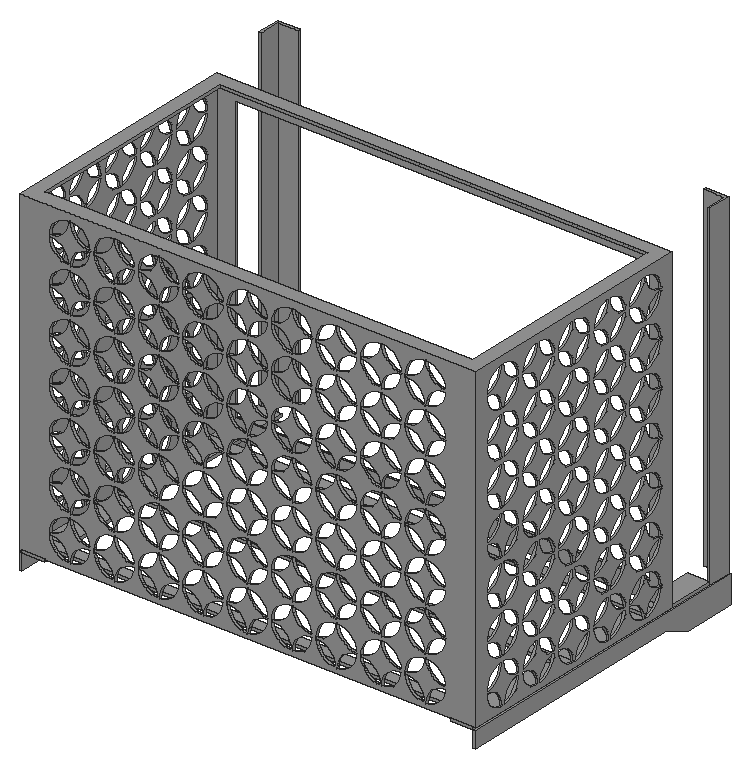
Revit family "22863 Корзина для кондиционера «Парадигма» Хоббика", category Антураж, Revit 2018 (continued)
Forms (mm)
  Extrusion 12, void
    sketch origin (230, 770, 0) x (1, 0, 0) y (0, 0, 1)
      loop
        arc (518.215, 413.448) -> (549.33, 426.336) -> (562.218, 457.451) r 44.003
      loop
        arc (661.064, 359.962) -> (674.1, 328.489) -> (705.574, 315.452) r 44.51
        arc (705.574, 315.452) -> (692.401, 346.789) -> (661.064, 359.962) r 44.984
      loop
        arc (705.564, 314.07) -> (674.449, 301.181) -> (661.561, 270.067) r 44.003
        arc (661.561, 270.067) -> (692.386, 283.244) -> (705.564, 314.07) r 45.03
      loop
        arc (659.715, 270.064) -> (646.826, 301.179) -> (615.711, 314.068) r 44.003
        arc (615.711, 314.068) -> (628.862, 283.215) -> (659.715, 270.064) r 44.933
      loop
        arc (659.718, 359.951) -> (628.901, 346.765) -> (615.715, 315.948) r 45.06
        arc (615.715, 315.948) -> (646.83, 328.836) -> (659.718, 359.951) r 44.003
      loop
        arc (563.564, 359.962) -> (576.6, 328.489) -> (608.074, 315.452) r 44.51
        arc (608.074, 315.452) -> (594.901, 346.789) -> (563.564, 359.962) r 44.984
      loop
        arc (608.064, 314.07) -> (576.949, 301.181) -> (564.061, 270.067) r 44.003
        arc (564.061, 270.067) -> (594.886, 283.244) -> (608.064, 314.07) r 45.03
      loop
        arc (562.215, 270.064) -> (549.326, 301.179) -> (518.211, 314.068) r 44.003
        arc (518.211, 314.068) -> (531.362, 283.215) -> (562.215, 270.064) r 44.933
      loop
        arc (562.218, 359.951) -> (531.401, 346.765) -> (518.215, 315.948) r 45.06
        arc (518.215, 315.948) -> (549.33, 328.836) -> (562.218, 359.951) r 44.003
      loop
        arc (661.064, 262.462) -> (674.1, 230.989) -> (705.574, 217.952) r 44.51
        arc (705.574, 217.952) -> (692.401, 249.289) -> (661.064, 262.462) r 44.984
      loop
        arc (705.564, 216.57) -> (674.449, 203.681) -> (661.561, 172.567) r 44.003
        arc (661.561, 172.567) -> (692.386, 185.744) -> (705.564, 216.57) r 45.03
      loop
        arc (659.715, 172.564) -> (646.826, 203.679) -> (615.711, 216.568) r 44.003
        arc (615.711, 216.568) -> (628.862, 185.715) -> (659.715, 172.564) r 44.933
      loop
        arc (659.718, 262.451) -> (628.901, 249.265) -> (615.715, 218.448) r 45.06
        arc (615.715, 218.448) -> (646.83, 231.336) -> (659.718, 262.451) r 44.003
      loop
        arc (563.564, 262.462) -> (576.6, 230.989) -> (608.074, 217.952) r 44.51
        arc (608.074, 217.952) -> (594.901, 249.289) -> (563.564, 262.462) r 44.984
      loop
        arc (608.064, 216.57) -> (576.949, 203.681) -> (564.061, 172.567) r 44.003
        arc (564.061, 172.567) -> (594.886, 185.744) -> (608.064, 216.57) r 45.03
      loop
        arc (562.215, 172.564) -> (549.326, 203.679) -> (518.211, 216.568) r 44.003
        arc (518.211, 216.568) -> (531.362, 185.715) -> (562.215, 172.564) r 44.933
      loop
        arc (562.218, 262.451) -> (531.401, 249.265) -> (518.215, 218.448) r 45.06
        arc (518.215, 218.448) -> (549.33, 231.336) -> (562.218, 262.451) r 44.003
      loop
        arc (661.064, 164.962) -> (674.1, 133.489) -> (705.574, 120.452) r 44.51
        arc (705.574, 120.452) -> (692.401, 151.789) -> (661.064, 164.962) r 44.984
      loop
        arc (705.564, 119.07) -> (674.449, 106.181) -> (661.561, 75.067) r 44.003
        arc (661.561, 75.067) -> (692.386, 88.244) -> (705.564, 119.07) r 45.03
      loop
        arc (659.715, 75.064) -> (646.826, 106.179) -> (615.711, 119.068) r 44.003
        arc (615.711, 119.068) -> (628.862, 88.215) -> (659.715, 75.064) r 44.933
      loop
        arc (659.718, 164.951) -> (628.901, 151.765) -> (615.715, 120.948) r 45.06
        arc (615.715, 120.948) -> (646.83, 133.836) -> (659.718, 164.951) r 44.003
      loop
        arc (563.564, 164.962) -> (576.6, 133.489) -> (608.074, 120.452) r 44.51
        arc (608.074, 120.452) -> (594.901, 151.789) -> (563.564, 164.962) r 44.984
      loop
        arc (608.064, 119.07) -> (576.949, 106.181) -> (564.061, 75.067) r 44.003
        arc (564.061, 75.067) -> (594.886, 88.244) -> (608.064, 119.07) r 45.03
      loop
        arc (562.215, 75.064) -> (549.326, 106.179) -> (518.211, 119.068) r 44.003
        arc (518.211, 119.068) -> (531.362, 88.215) -> (562.215, 75.064) r 44.933
      loop
        arc (562.218, 164.951) -> (531.401, 151.765) -> (518.215, 120.948) r 45.06
        arc (518.215, 120.948) -> (549.33, 133.836) -> (562.218, 164.951) r 44.003
      loop
        arc (-22.324, 749.962) -> (-9.288, 718.489) -> (22.186, 705.452) r 44.51
        arc (22.186, 705.452) -> (9.013, 736.789) -> (-22.324, 749.962) r 44.984
      loop
        arc (22.176, 704.07) -> (-8.939, 691.181) -> (-21.827, 660.067) r 44.003
        arc (-21.827, 660.067) -> (8.998, 673.244) -> (22.176, 704.07) r 45.03
      loop
        arc (-23.674, 660.064) -> (-36.562, 691.179) -> (-67.677, 704.068) r 44.003
        arc (-67.677, 704.068) -> (-54.526, 673.215) -> (-23.674, 660.064) r 44.933
      loop
        arc (-23.67, 749.951) -> (-54.487, 736.765) -> (-67.673, 705.948) r 45.06
        arc (-67.673, 705.948) -> (-36.558, 718.836) -> (-23.67, 749.951) r 44.003
      loop
        arc (-119.824, 749.962) -> (-106.788, 718.489) -> (-75.314, 705.452) r 44.51
        arc (-75.314, 705.452) -> (-88.487, 736.789) -> (-119.824, 749.962) r 44.984
      loop
        arc (-75.324, 704.07) -> (-106.439, 691.181) -> (-119.327, 660.067) r 44.003
        arc (-119.327, 660.067) -> (-88.502, 673.244) -> (-75.324, 704.07) r 45.03
      loop
        arc (-121.174, 660.064) -> (-134.062, 691.179) -> (-165.177, 704.068) r 44.003
        arc (-165.177, 704.068) -> (-152.026, 673.215) -> (-121.174, 660.064) r 44.933
      loop
        arc (-121.17, 749.951) -> (-151.987, 736.765) -> (-165.173, 705.948) r 45.06
        arc (-165.173, 705.948) -> (-134.058, 718.836) -> (-121.17, 749.951) r 44.003
      loop
        arc (-22.334, 652.462) -> (-9.298, 620.989) -> (22.176, 607.952) r 44.51
        arc (22.176, 607.952) -> (9.003, 639.289) -> (-22.334, 652.462) r 44.984
      loop
        arc (22.166, 606.57) -> (-8.949, 593.681) -> (-21.837, 562.567) r 44.003
        arc (-21.837, 562.567) -> (8.988, 575.744) -> (22.166, 606.57) r 45.03
      loop
        arc (-23.683, 562.564) -> (-36.572, 593.679) -> (-67.687, 606.568) r 44.003
        arc (-67.687, 606.568) -> (-54.535, 575.715) -> (-23.683, 562.564) r 44.933
      loop
        arc (-23.68, 652.451) -> (-54.497, 639.265) -> (-67.683, 608.448) r 45.06
        arc (-67.683, 608.448) -> (-36.568, 621.336) -> (-23.68, 652.451) r 44.003
      loop
        arc (-119.834, 652.462) -> (-106.798, 620.989) -> (-75.324, 607.952) r 44.51
        arc (-75.324, 607.952) -> (-88.497, 639.289) -> (-119.834, 652.462) r 44.984
      loop
        arc (-75.334, 606.57) -> (-106.449, 593.681) -> (-119.337, 562.567) r 44.003
        arc (-119.337, 562.567) -> (-88.512, 575.744) -> (-75.334, 606.57) r 45.03
      loop
        arc (-121.183, 562.564) -> (-134.072, 593.679) -> (-165.187, 606.568) r 44.003
        arc (-165.187, 606.568) -> (-152.035, 575.715) -> (-121.183, 562.564) r 44.933
      loop
        arc (-121.18, 652.451) -> (-151.997, 639.265) -> (-165.183, 608.448) r 45.06
        arc (-165.183, 608.448) -> (-134.068, 621.336) -> (-121.18, 652.451) r 44.003
      loop
        arc (-22.334, 554.962) -> (-9.298, 523.489) -> (22.176, 510.452) r 44.51
        arc (22.176, 510.452) -> (9.003, 541.789) -> (-22.334, 554.962) r 44.984
      loop
        arc (22.166, 509.07) -> (-8.949, 496.181) -> (-21.837, 465.067) r 44.003
        arc (-21.837, 465.067) -> (8.988, 478.244) -> (22.166, 509.07) r 45.03
      loop
        arc (-23.683, 465.064) -> (-36.572, 496.179) -> (-67.687, 509.068) r 44.003
        arc (-67.687, 509.068) -> (-54.535, 478.215) -> (-23.683, 465.064) r 44.933
      loop
        arc (-23.68, 554.951) -> (-54.497, 541.765) -> (-67.683, 510.948) r 45.06
        arc (-67.683, 510.948) -> (-36.568, 523.836) -> (-23.68, 554.951) r 44.003
      loop
        arc (-119.834, 554.962) -> (-106.798, 523.489) -> (-75.324, 510.452) r 44.51
        arc (-75.324, 510.452) -> (-88.497, 541.789) -> (-119.834, 554.962) r 44.984
      loop
        arc (-75.334, 509.07) -> (-106.449, 496.181) -> (-119.337, 465.067) r 44.003
        arc (-119.337, 465.067) -> (-88.512, 478.244) -> (-75.334, 509.07) r 45.03
      loop
        arc (-121.183, 465.064) -> (-134.072, 496.179) -> (-165.187, 509.068) r 44.003
        arc (-165.187, 509.068) -> (-152.035, 478.215) -> (-121.183, 465.064) r 44.933
      loop
        arc (-121.18, 554.951) -> (-151.997, 541.765) -> (-165.183, 510.948) r 45.06
        arc (-165.183, 510.948) -> (-134.068, 523.836) -> (-121.18, 554.951) r 44.003
      loop
        arc (-22.334, 457.462) -> (-9.298, 425.989) -> (22.176, 412.952) r 44.51
        arc (22.176, 412.952) -> (9.003, 444.289) -> (-22.334, 457.462) r 44.984
      loop
        arc (22.166, 411.57) -> (-8.949, 398.681) -> (-21.837, 367.567) r 44.003
        arc (-21.837, 367.567) -> (8.988, 380.744) -> (22.166, 411.57) r 45.03
      loop
        arc (-23.683, 367.564) -> (-36.572, 398.679) -> (-67.687, 411.568) r 44.003
        arc (-67.687, 411.568) -> (-54.535, 380.715) -> (-23.683, 367.564) r 44.933
      loop
        arc (-23.68, 457.451) -> (-54.497, 444.265) -> (-67.683, 413.448) r 45.06
        arc (-67.683, 413.448) -> (-36.568, 426.336) -> (-23.68, 457.451) r 44.003
      loop
        arc (-119.834, 457.462) -> (-106.798, 425.989) -> (-75.324, 412.952) r 44.51
        arc (-75.324, 412.952) -> (-88.497, 444.289) -> (-119.834, 457.462) r 44.984
      loop
        arc (-75.334, 411.57) -> (-106.449, 398.681) -> (-119.337, 367.567) r 44.003
        arc (-119.337, 367.567) -> (-88.512, 380.744) -> (-75.334, 411.57) r 45.03
      loop
        arc (-121.183, 367.564) -> (-134.072, 398.679) -> (-165.187, 411.568) r 44.003
        arc (-165.187, 411.568) -> (-152.035, 380.715) -> (-121.183, 367.564) r 44.933
      loop
        arc (-121.18, 457.451) -> (-151.997, 444.265) -> (-165.183, 413.448) r 45.06
        arc (-165.183, 413.448) -> (-134.068, 426.336) -> (-121.18, 457.451) r 44.003
      loop
        arc (-22.334, 359.962) -> (-9.298, 328.489) -> (22.176, 315.452) r 44.51
        arc (22.176, 315.452) -> (9.003, 346.789) -> (-22.334, 359.962) r 44.984
      loop
        arc (22.166, 314.07) -> (-8.949, 301.181) -> (-21.837, 270.067) r 44.003
        arc (-21.837, 270.067) -> (8.988, 283.244) -> (22.166, 314.07) r 45.03
      loop
        arc (-23.683, 270.064) -> (-36.572, 301.179) -> (-67.687, 314.068) r 44.003
        arc (-67.687, 314.068) -> (-54.535, 283.215) -> (-23.683, 270.064) r 44.933
      loop
        arc (-23.68, 359.951) -> (-54.497, 346.765) -> (-67.683, 315.948) r 45.06
        arc (-67.683, 315.948) -> (-36.568, 328.836) -> (-23.68, 359.951) r 44.003
      loop
        arc (-119.834, 359.962) -> (-106.798, 328.489) -> (-75.324, 315.452) r 44.51
        arc (-75.324, 315.452) -> (-88.497, 346.789) -> (-119.834, 359.962) r 44.984
      loop
        arc (-75.334, 314.07) -> (-106.449, 301.181) -> (-119.337, 270.067) r 44.003
        arc (-119.337, 270.067) -> (-88.512, 283.244) -> (-75.334, 314.07) r 45.03
      loop
        arc (-121.183, 270.064) -> (-134.072, 301.179) -> (-165.187, 314.068) r 44.003
        arc (-165.187, 314.068) -> (-152.035, 283.215) -> (-121.183, 270.064) r 44.933
      loop
        arc (-121.18, 359.951) -> (-151.997, 346.765) -> (-165.183, 315.948) r 45.06
        arc (-165.183, 315.948) -> (-134.068, 328.836) -> (-121.18, 359.951) r 44.003
      loop
        arc (-22.334, 262.462) -> (-9.298, 230.989) -> (22.176, 217.952) r 44.51
        arc (22.176, 217.952) -> (9.003, 249.289) -> (-22.334, 262.462) r 44.984
      loop
        arc (22.166, 216.57) -> (-8.949, 203.681) -> (-21.837, 172.567) r 44.003
        arc (-21.837, 172.567) -> (8.988, 185.744) -> (22.166, 216.57) r 45.03
      loop
        arc (-23.683, 172.564) -> (-36.572, 203.679) -> (-67.687, 216.568) r 44.003
        arc (-67.687, 216.568) -> (-54.535, 185.715) -> (-23.683, 172.564) r 44.933
      loop
        arc (-23.68, 262.451) -> (-54.497, 249.265) -> (-67.683, 218.448) r 45.06
        arc (-67.683, 218.448) -> (-36.568, 231.336) -> (-23.68, 262.451) r 44.003
      loop
        arc (-119.834, 262.462) -> (-106.798, 230.989) -> (-75.324, 217.952) r 44.51
        arc (-75.324, 217.952) -> (-88.497, 249.289) -> (-119.834, 262.462) r 44.984
      loop
        arc (-75.334, 216.57) -> (-106.449, 203.681) -> (-119.337, 172.567) r 44.003
        arc (-119.337, 172.567) -> (-88.512, 185.744) -> (-75.334, 216.57) r 45.03
      loop
        arc (-121.183, 172.564) -> (-134.072, 203.679) -> (-165.187, 216.568) r 44.003
        arc (-165.187, 216.568) -> (-152.035, 185.715) -> (-121.183, 172.564) r 44.933
      loop
        arc (-121.18, 262.451) -> (-151.997, 249.265) -> (-165.183, 218.448) r 45.06
        arc (-165.183, 218.448) -> (-134.068, 231.336) -> (-121.18, 262.451) r 44.003
      loop
        arc (-22.334, 164.962) -> (-9.298, 133.489) -> (22.176, 120.452) r 44.51
        arc (22.176, 120.452) -> (9.003, 151.789) -> (-22.334, 164.962) r 44.984
      loop
        arc (22.166, 119.07) -> (-8.949, 106.181) -> (-21.837, 75.067) r 44.003
        arc (-21.837, 75.067) -> (8.988, 88.244) -> (22.166, 119.07) r 45.03
      loop
        arc (-23.683, 75.064) -> (-36.572, 106.179) -> (-67.687, 119.068) r 44.003
        arc (-67.687, 119.068) -> (-54.535, 88.215) -> (-23.683, 75.064) r 44.933
      loop
        arc (-23.68, 164.951) -> (-54.497, 151.765) -> (-67.683, 120.948) r 45.06
        arc (-67.683, 120.948) -> (-36.568, 133.836) -> (-23.68, 164.951) r 44.003
      loop
        arc (-119.834, 164.962) -> (-106.798, 133.489) -> (-75.324, 120.452) r 44.51
        arc (-75.324, 120.452) -> (-88.497, 151.789) -> (-119.834, 164.962) r 44.984
      loop
        arc (-75.334, 119.07) -> (-106.449, 106.181) -> (-119.337, 75.067) r 44.003
        arc (-119.337, 75.067) -> (-88.512, 88.244) -> (-75.334, 119.07) r 45.03
      loop
        arc (-121.183, 75.064) -> (-134.072, 106.179) -> (-165.187, 119.068) r 44.003
        arc (-165.187, 119.068) -> (-152.035, 88.215) -> (-121.183, 75.064) r 44.933
      loop
        arc (-121.18, 164.951) -> (-151.997, 151.765) -> (-165.183, 120.948) r 45.06
        arc (-165.183, 120.948) -> (-134.068, 133.836) -> (-121.18, 164.951) r 44.003
    from 765 to 770
Cuts and joins
  joined: Extrusion 2, Extrusion 3, Extrusion 4
  Extrusion 10, Extrusion 11, Extrusion 12 cuts Extrusion 5
  Extrusion 10, Extrusion 11, Extrusion 12 cuts Extrusion 9
  joined: Extrusion 5, Extrusion 9
Dimensions and locks
  "Длина": plane 3 "По центру (Влево/Вправо)" to plane 4
  "Ширина": plane 5 to plane 1 "По центру (Вперед/Назад)"
  "Высота": plane 6 to plane 2
  equal spacing: group 1, group 3, group 2  (x2)
  equal spacing: group 2, group 3, group 1
  aligned and locked: level to plane 2
Automatic sketch dimensions
  Extrusion 1 sketch curve to plane 5 = 0 mm  (x2)
  plane 3 "По центру (Влево/Вправо)" to Extrusion 1 sketch curve = 5 mm
  Extrusion 1 sketch curve to Extrusion 1 sketch curve = 5 mm
  Extrusion 1 sketch curve to plane 5 = 5 mm  (x2)
  Extrusion 1 sketch curve to Extrusion 1 sketch curve = 45 mm  (x3)
  Extrusion 1 sketch curve to plane 4 = 55 mm
  Extrusion 1 sketch curve to plane 4 = 10 mm
  Extrusion 1 sketch curve to plane 4 = 5 mm
  level to Extrusion 2 sketch curve = 60 mm
  Extrusion 2 sketch curve to plane 1 "По центру (Вперед/Назад)" = 0 mm
  Extrusion 2 sketch curve to plane 5 = 0 mm
  level to Extrusion 2 sketch curve = 25 mm
  Extrusion 2 sketch curve to plane 5 = 175 mm
  Extrusion 2 sketch curve to Extrusion 2 sketch curve = 60 mm
  Extrusion 2 sketch curve to level = 0 mm
  level to Extrusion 3 sketch curve = 60 mm
  Extrusion 3 sketch curve to plane 1 "По центру (Вперед/Назад)" = 0 mm
  Extrusion 3 sketch curve to plane 5 = 0 mm
  level to Extrusion 3 sketch curve = 25 mm
  Extrusion 3 sketch curve to plane 5 = 175 mm
  Extrusion 3 sketch curve to Extrusion 3 sketch curve = 60 mm
  Extrusion 3 sketch curve to level = 0 mm
  level to Extrusion 4 sketch curve = 65 mm  (x2)
  plane 3 "По центру (Влево/Вправо)" to Extrusion 4 sketch curve = 5 mm
  level to Extrusion 4 sketch curve = 60 mm  (x2)
  Extrusion 4 sketch curve to Extrusion 4 sketch curve = 50 mm
  Extrusion 4 sketch curve to plane 4 = 55 mm
  Extrusion 4 sketch curve to plane 4 = 5 mm
  plane 1 "По центру (Вперед/Назад)" to Extrusion 5 sketch curve = 0 mm
  Extrusion 5 sketch curve to plane 3 "По центру (Влево/Вправо)" = 0 mm
  Extrusion 5 sketch curve to plane 4 = 0 mm
  Extrusion 5 sketch curve to plane 5 = 160 mm
  Extrusion 5 sketch curve to plane 1 "По центру (Вперед/Назад)" = 5 mm
  Extrusion 5 sketch curve to Extrusion 5 sketch curve = 5 mm
  plane 3 "По центру (Влево/Вправо)" to Extrusion 5 sketch curve = 5 mm
  Extrusion 5 sketch curve to plane 4 = 5 mm
  Extrusion 6 sketch curve to Extrusion 6 sketch curve = 25 mm
  Extrusion 6 sketch curve to Extrusion 6 sketch curve = 990 mm
  Extrusion 7 sketch curve to Extrusion 7 sketch curve = 25 mm
  Extrusion 7 sketch curve to Extrusion 7 sketch curve = 990 mm
  Extrusion 8 sketch curve to Extrusion 8 sketch curve = 25 mm
  Extrusion 8 sketch curve to Extrusion 8 sketch curve = 990 mm
  plane 3 "По центру (Влево/Вправо)" to Extrusion 9 sketch curve = 5 mm
  Extrusion 9 sketch curve to plane 4 = 5 mm
  Extrusion 9 sketch curve to plane 1 "По центру (Вперед/Назад)" = 5 mm
  Extrusion 9 sketch curve to plane 5 = 165 mm
  Extrusion 9 sketch curve to Extrusion 9 sketch curve = 25 mm  (x4)
  plane 3 "По центру (Влево/Вправо)" to Extrusion 10 sketch curve = 45 mm
  Extrusion 10 sketch curve to plane 4 = 45 mm
  level to Extrusion 10 sketch curve = 104.644 mm
  Extrusion 10 sketch curve to plane 6 = 71.691 mm
  Extrusion 11 sketch curve to plane 1 "По центру (Вперед/Назад)" = 30.064 mm  (x6)
  Extrusion 11 sketch curve to Extrusion 11 sketch curve = 0.004 mm  (x50)
  Extrusion 11 sketch curve to plane 1 "По центру (Вперед/Назад)" = 30.068 mm
  Extrusion 11 sketch curve to Extrusion 11 sketch curve = 0.006 mm  (x10)
  Extrusion 11 sketch curve to plane 1 "По центру (Вперед/Назад)" = 30.078 mm
  Extrusion 11 sketch curve to Extrusion 11 sketch curve = 44.83 mm  (x35)
  Extrusion 11 sketch curve to Extrusion 11 sketch curve = 0.047 mm  (x35)
  Extrusion 11 sketch curve to Extrusion 11 sketch curve = 0.043 mm  (x35)
  Extrusion 11 sketch curve to Extrusion 11 sketch curve = 0.128 mm  (x35)
  Extrusion 11 sketch curve to Extrusion 11 sketch curve = 44.801 mm  (x17)
  Extrusion 11 sketch curve to Extrusion 11 sketch curve = 0 mm  (x21)
  Extrusion 11 sketch curve to Extrusion 11 sketch curve = 0.01 mm  (x35)
  Extrusion 11 sketch curve to Extrusion 11 sketch curve = 7.648 mm  (x24)
  Extrusion 11 sketch curve to Extrusion 11 sketch curve = 7.642 mm  (x8)
  level to Extrusion 11 sketch curve = 367.564 mm
  Extrusion 11 sketch curve to Extrusion 11 sketch curve = 7.602 mm  (x4)
  Extrusion 11 sketch curve to Extrusion 11 sketch curve = 7.613 mm  (x30)
  Extrusion 11 sketch curve to Extrusion 11 sketch curve = 0.011 mm  (x2)
  Extrusion 11 sketch curve to Extrusion 11 sketch curve = 0.104 mm  (x15)
  Extrusion 11 sketch curve to Extrusion 11 sketch curve = 0.008 mm  (x35)
  Extrusion 11 sketch curve to Extrusion 11 sketch curve = 7.605 mm  (x30)
  Extrusion 11 sketch curve to Extrusion 11 sketch curve = 0.085 mm  (x20)
  Extrusion 11 sketch curve to Extrusion 11 sketch curve = 44.003 mm  (x40)
  Extrusion 11 sketch curve to Extrusion 11 sketch curve = 1.346 mm  (x35)
  Extrusion 11 sketch curve to Extrusion 11 sketch curve = 1.846 mm  (x35)
  plane 3 "По центру (Влево/Вправо)" to Extrusion 12 sketch curve = 64.813 mm  (x3)
  Extrusion 12 sketch curve to Extrusion 12 sketch curve = 0 mm  (x38)
  Extrusion 12 sketch curve to Extrusion 12 sketch curve = 0.004 mm  (x92)
  Extrusion 12 sketch curve to Extrusion 12 sketch curve = 0.006 mm  (x17)
  Extrusion 12 sketch curve to Extrusion 12 sketch curve = 44.83 mm  (x62)
  Extrusion 12 sketch curve to Extrusion 12 sketch curve = 0.047 mm  (x62)
  Extrusion 12 sketch curve to Extrusion 12 sketch curve = 0.043 mm  (x62)
  Extrusion 12 sketch curve to Extrusion 12 sketch curve = 0.128 mm  (x62)
  Extrusion 12 sketch curve to Extrusion 12 sketch curve = 44.801 mm  (x30)
  Extrusion 12 sketch curve to Extrusion 12 sketch curve = 0.01 mm  (x61)
  Extrusion 12 sketch curve to Extrusion 12 sketch curve = 7.648 mm  (x36)
  Extrusion 12 sketch curve to Extrusion 12 sketch curve = 7.642 mm  (x10)
  Extrusion 12 sketch curve to Extrusion 12 sketch curve = 7.773 mm  (x6)
  Extrusion 12 sketch curve to Extrusion 12 sketch curve = 7.767 mm  (x2)
  Extrusion 12 sketch curve to Extrusion 12 sketch curve = 7.711 mm
  Extrusion 12 sketch curve to Extrusion 12 sketch curve = 0.193 mm
  Extrusion 12 sketch curve to Extrusion 12 sketch curve = 0.066 mm
  Extrusion 12 sketch curve to Extrusion 12 sketch curve = 0.334 mm
  Extrusion 12 sketch curve to Extrusion 12 sketch curve = 44.189 mm
  Extrusion 12 sketch curve to Extrusion 12 sketch curve = 44.236 mm
  Extrusion 12 sketch curve to Extrusion 12 sketch curve = 0.203 mm
  Extrusion 12 sketch curve to Extrusion 12 sketch curve = 7.807 mm
  Extrusion 12 sketch curve to Extrusion 12 sketch curve = 8.42 mm  (x6)
  Extrusion 12 sketch curve to Extrusion 12 sketch curve = 8.414 mm  (x2)
  level to Extrusion 12 sketch curve = 75.064 mm  (x6)
  Extrusion 12 sketch curve to Extrusion 12 sketch curve = 0.002 mm  (x9)
  Extrusion 12 sketch curve to Extrusion 12 sketch curve = 0.085 mm  (x62)
  Extrusion 12 sketch curve to Extrusion 12 sketch curve = 0.008 mm  (x62)
  Extrusion 12 sketch curve to Extrusion 12 sketch curve = 7.613 mm  (x53)
  Extrusion 12 sketch curve to Extrusion 12 sketch curve = 7.605 mm  (x53)
  Extrusion 12 sketch curve to Extrusion 12 sketch curve = 7.586 mm
  Extrusion 12 sketch curve to Extrusion 12 sketch curve = 7.621 mm
  Extrusion 12 sketch curve to Extrusion 12 sketch curve = 44.764 mm
  Extrusion 12 sketch curve to Extrusion 12 sketch curve = 0.009 mm
  Extrusion 12 sketch curve to Extrusion 12 sketch curve = 0.28 mm
  Extrusion 12 sketch curve to Extrusion 12 sketch curve = 0.317 mm
  Extrusion 12 sketch curve to Extrusion 12 sketch curve = 0.042 mm
  Extrusion 12 sketch curve to Extrusion 12 sketch curve = 44.003 mm  (x70)
  Extrusion 12 sketch curve to Extrusion 12 sketch curve = 1.346 mm  (x62)
  Extrusion 12 sketch curve to Extrusion 12 sketch curve = 1.846 mm  (x62)
  Extrusion 12 sketch curve to Extrusion 12 sketch curve = 0.396 mm
  Extrusion 12 sketch curve to Extrusion 12 sketch curve = 43.601 mm
  Extrusion 12 sketch curve to Extrusion 12 sketch curve = 0.007 mm
  Extrusion 12 sketch curve to Extrusion 12 sketch curve = 44.007 mm
  Extrusion 12 sketch curve to Extrusion 12 sketch curve = 0.806 mm
  Extrusion 12 sketch curve to Extrusion 12 sketch curve = 1.502 mm
